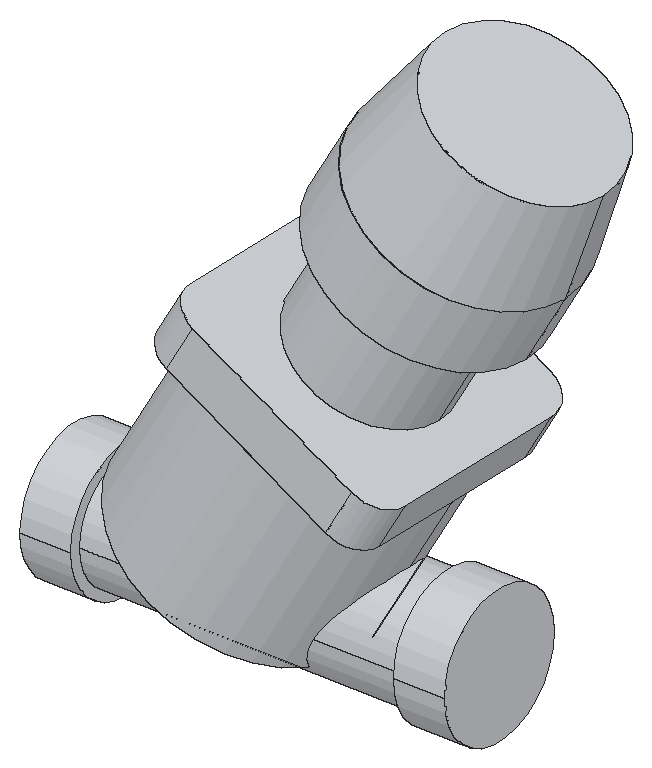
Revit family "OPTIMA_Compact_MM_DN10_2,5_RFA_2018", category Pipe Accessories, Revit 2018
Family settings
  Round Connector Dimension = Use Diameter
  Part Type = Valve - Breaks Into
  Work Plane-Based = No
  Always vertical = Yes
  Cut with Voids When Loaded = No
  Shared = No
Parameters (values of type "OPTIMA Compact DN10 M-M 2.5mm")
  magiProductId = "719160033de540c9acf49957212ec3"
  magiProductFamilyId = "78ecc78dd0e54fb5aa8a98aef7d402"
  magiPartTypeId = 304
  isMeasuringValve [instance] = no
  ang2D [instance] = 0.00°
  Z = 0 mm
  X = 7 mm
  W2D = 32 mm
  VersionID = "2.0/2018.8.28.1/FRESE_OPTIMA-COMPACT-MM_001"
  Use Minimum Symbol Size [instance] = yes
  URL = "www.hydronic.cz"
  Type Comments = "vnější závit; PN25; 0~120°C, bez měřicích vsuvek"
  R9 = 8 mm
  R8 = 14 mm
  R7 = 17 mm
  R6 = 12 mm
  R5 = 5 mm
  R4 = 19 mm
  R3 = 19 mm
  R2 = 9 mm
  R1 = 10.5 mm
  QmdConnectorList = "301;D;302;D"
  Productdata [instance] = ""
  PLG0 = no
  Manufacturer = "Hydronic Systems Prague s.r.o."
  MC Product Code = "53-1300  (1/2\" M-M; 2.5mm; Qmin-dpmin 30l/h-14.3kPa; Qmax-dpmin 200l/h-15.8kPa; dpmax 800kPa)"
  MC Piping Given Pressure Drop [instance] = 0.0 Pa
  LL = 32.5 mm
  L3 = 11 mm
  L2D_Min = 3048 mm
  L2D = 104 mm
  L2 = 49.4 mm
  L1__ve = -L1  # -7.8 mm
  L1 = 7.8 mm
  H6__ve = -H6  # -52.5 mm
  H6 = 52.5 mm
  H5 = 17 mm
  H4 = 12 mm
  H3 = 18 mm
  H2 = 8 mm
  H1 = 30 mm
  Description = "Tlakově nezávislý 2-cestný regulační vyvažovací ventil (PICV)"
  D = 10 mm
  A = 30.00°
Types (8, lengths in mm): name | magiProductId | Z | X | R4 | R3 | R2 | R1 | MC Product Code | LL | L3 | L2 | L1__ve | L1 | H6__ve | H6 | H5 | H3 | H2 | H1 | D
  OPTIMA Compact DN32 M-M 5.5mm | "9229f6b2647a4beea29cfed7a0464e" | 1 | 13 | 29 | 31.5 | 22 | 24 | "53-1314  (6/4\" M-M; 5.5mm; Qmin-dpmin 550l/h-17.9kPa; Qmax-dpmin 4001l/h-28.0kPa; dpmax 800kPa)" | 52 | 12.5 | 79.04 | -12.48 | 12.48 | -66 | 66 | 20 | 16 | 10 | 46 | 32
  OPTIMA Compact DN15 M-M 2.5mm | "cf91b4957677408aaed6de7f8e707d" | 0 | 7 | 19 | 19 | 12 | 13 | "53-1304  (3/4\" M-M; 2.5mm; Qmin-dpmin 100l/h-14.9kPa; Qmax-dpmin 575l/h-18.5kPa; dpmax 800kPa)" | 32.5 | 11 | 49.4 | -7.8 | 7.8 | -55 | 55 | 20 | 18 | 8 | 26 | 15
  OPTIMA Compact DN15 M-M 5.0mm | "3da7abe28dc3494da6d3a7ef2edb11" | 0 | 7 | 19 | 19 | 12 | 13 | "53-1305  (3/4\" M-M; 5.0mm; Qmin-dpmin 220l/h-16.0kPa; Qmax-dpmin 1330l/h-21.6kPa; dpmax 800kPa)" | 32.5 | 11 | 49.4 | -7.8 | 7.8 | -55 | 55 | 20 | 18 | 8 | 26 | 15
  OPTIMA Compact DN20 M-M 5.0mm | "dbf1ea5749af4e6bb74c096f7a23b2" | 0 | 10 | 19 | 19 | 13.5 | 16.5 | "53-1308  (1\" M-M; 5.0mm; Qmin-dpmin 220l/h-16.0kPa; Qmax-dpmin 1330l/h-21.6kPa; dpmax 800kPa)" | 35 | 11 | 53.2 | -8.4 | 8.4 | -58.5 | 58.5 | 20 | 18 | 8 | 26 | 20
  OPTIMA Compact DN20 M-M 5.5mm | "a40c776a67e54a899e920652842cb9" | 0 | 10 | 19 | 19 | 13.5 | 16.5 | "53-1311  (1\" M-M; 5.5mm; Qmin-dpmin 300l/h-17.8kPa; Qmax-dpmin 1800l/h-40.0kPa; dpmax 800kPa)" | 35 | 11 | 53.2 | -8.4 | 8.4 | -58.5 | 58.5 | 20 | 18 | 8 | 26 | 20
  OPTIMA Compact DN25 M-M 5.5mm | "c9531e40f709430d814b4200686e37" | 0 | 13 | 29 | 31.5 | 18.5 | 21 | "53-1313  (5/4\" M-M; 5.5mm; Qmin-dpmin 600l/h-17.3kPa; Qmax-dpmin 3609l/h-23.0kPa; dpmax 800kPa)" | 52 | 12.5 | 79.04 | -12.48 | 12.48 | -63 | 63 | 20 | 16 | 10 | 43 | 25
  OPTIMA Compact DN10 M-M 2.5mm | "719160033de540c9acf49957212ec3" | 0 | 7 | 19 | 19 | 9 | 10.5 | "53-1300  (1/2\" M-M; 2.5mm; Qmin-dpmin 30l/h-14.3kPa; Qmax-dpmin 200l/h-15.8kPa; dpmax 800kPa)" | 32.5 | 11 | 49.4 | -7.8 | 7.8 | -52.5 | 52.5 | 17 | 18 | 8 | 30 | 10
  OPTIMA Compact DN10 M-M 5.0mm | "5a6cfbbfc7584f5c989f475761ae24" | 0 | 7 | 19 | 19 | 9 | 10.5 | "53-1309  (1/2\" M-M; 5.0mm; Qmin-dpmin 65l/h-14.6kPa; Qmax-dpmin 370l/h-17.2kPa; dpmax 800kPa)" | 32.5 | 11 | 49.4 | -7.8 | 7.8 | -52.5 | 52.5 | 17 | 18 | 8 | 30 | 10
Reference planes
  plane 1 "Center (Front/Back)": y = 0
  plane 2 "XYPLANE": z = 0
  plane 3 "Center (Left/Right)": x = 0
  plane 4 "267": x = 11
  plane 5 "266": x = -11
  plane 6 "252": through (-607.019, 0, 448.612) normal (0.5, 0, 0.866)
  plane 7 "250": through (-615.519, 0, 433.89) normal (0.5, 0, 0.866)
  plane 8 "248": through (-621.519, 0, 423.497) normal (0.5, 0, 0.866)
  plane 9 "245": through (-630.519, 0, 407.909) normal (0.5, 0, 0.866)
  plane 10 "241": through (352.483, 0, 662.519) normal (0.866, 0, -0.5)
  plane 11 "240": through (385.392, 0, 643.519) normal (0.866, 0, -0.5)
  plane 12 "239": y = -19
  plane 13 "238": y = 19
  plane 14 "237": through (-634.519, 0, 400.981) normal (0.5, 0, 0.866)
  plane 15 "235": through (-649.519, 0, 375) normal (0.5, 0, 0.866)
  plane 16 "231": y = 0
  plane 17 "230": through (368.938, 0, 653.019) normal (0.866, 0, -0.5)
  plane 18 "211": x = -24.7
  plane 19 "204": x = 32.5
  plane 20 "203": x = -32.5
  plane 21 "202": x = 0
  plane 22 "201": z = 0
  plane 23 "200": y = 0
  plane 24 "227XY": through (-649.519, 0, 375) normal (0.5, 0, 0.866)
  plane 25 "227XZ": y = 0
  plane 26 "227YZ": through (375, 0, 649.519) normal (0.866, 0, -0.5)
Forms (mm)
  Extrusion 1, solid, visible <- "PLG0"
    sketch origin (-750, 0, 0) x (1, 0, 0) y (0, 1, 0)
      loop
        circle (761, 0) r 8
    from 0 to -52.5 <- "H6__ve"
  Extrusion 2, solid, visible <- "PLG0"
    sketch origin (-750, 0, 0) x (1, 0, 0) y (0, 1, 0)
      loop
        circle (739, 0) r 8
    from 0 to -52.5 <- "H6__ve"
  Blend 3, solid
    base sketch origin (-615.519, 0, 433.89) x (0.866025, 0, -0.5) y (0, 1, 0)
      loop
        circle (743, 0) r 17
    top sketch origin (-615.519, 0, 433.89) x (0.866025, 0, -0.5) y (0, 1, 0)
      loop
        circle (743, 0) r 14
    from 0 to 17
  Extrusion 4, solid
    sketch origin (-621.519, 0, 423.497) x (0.866025, 0, -0.5) y (0, 1, 0)
      loop
        circle (743, 0) r 17
    from 0 to 12 <- "H4"
  Extrusion 5, solid
    sketch origin (-630.519, 0, 407.909) x (0.866025, 0, -0.5) y (0, 1, 0)
      loop
        circle (743, 0) r 12
    from 0 to 18 <- "H3"
  Extrusion 6, solid
    sketch origin (-634.519, 0, 400.981) x (0.866025, 0, -0.5) y (0, 1, 0)
      loop
        arc (729, 19) -> (725.464, 17.536) -> (724, 14) r 5
        line (724, 14) -> (724, -14)
        arc (724, -14) -> (725.464, -17.536) -> (729, -19) r 5
        line (729, -19) -> (757, -19)
        arc (757, -19) -> (760.536, -17.536) -> (762, -14) r 5
        line (762, -14) -> (762, 14)
        arc (762, 14) -> (760.536, 17.536) -> (757, 19) r 5
        line (757, 19) -> (729, 19)
    from 0 to 8 <- "H2"
  Extrusion 7, solid
    sketch origin (-649.519, 0, 375) x (0.866025, 0, -0.5) y (0, 1, 0)
      loop
        circle (743, 0) r 19
    from 0 to 30 <- "H1"
  Extrusion 8, solid
    sketch origin (-24.7, -750, 0) x (0, 1, 0) y (0, 0, 1)
      loop
        circle (750, 0) r 9
    from 0 to 49.4 <- "L2"
  Extrusion 9, solid
    sketch origin (32.5, -750, 0) x (0, 1, 0) y (0, 0, 1)
      loop
        circle (750, 0) r 10.5
    from 0 to -7.8 <- "L1__ve"
  Extrusion 10, solid
    sketch origin (-32.5, -750, 0) x (0, 1, 0) y (0, 0, 1)
      loop
        circle (750, 0) r 10.5
    from 0 to 7.8 <- "L1"
  Extrusion 11, solid, not visible
    sketch origin (32.5, -750, 0) x (0, 1, 0) y (0, 0, 1)
      loop
        circle (750, 0) r 10
    from 0 to -10
  Extrusion 12, solid, not visible
    sketch origin (-32.5, -750, 0) x (0, 1, 0) y (0, 0, 1)
      loop
        circle (750, 0) r 10
    from 0 to 10
Lines and regions (mm)
  reference lines, not visible
    curve 1: circle (2, 2, 0) r 1 normal (0, 0, 1)
Dimensions and locks
  plane 1 "Center (Front/Back)" to curve 1 = 2 mm
  "L3": plane 3 "Center (Left/Right)" to plane 4 "267"
  "L3": plane 3 "Center (Left/Right)" to plane 5 "266"
  "H5": plane 7 "250" to plane 6 "252"
  "H4": plane 8 "248" to plane 7 "250"
  "H3": plane 9 "245" to plane 8 "248"
  "H2": plane 14 "237" to plane 9 "245"
  "R4": plane 17 "230" to plane 10 "241"
  "R4": plane 17 "230" to plane 11 "240"
  "R4": plane 23 "200" to plane 12 "239"
  "R4": plane 23 "200" to plane 13 "238"
  "H1": plane 15 "235" to plane 14 "237"
  "Z": plane 24 "227XY" to plane 15 "235"
  locked: plane 23 "200" to plane 16 "231"
  "X": plane 26 "227YZ" to plane 17 "230"
  "L1": plane 20 "203" to plane 18 "211"
  "LL": plane 3 "Center (Left/Right)" to plane 19 "204"
  "LL": plane 3 "Center (Left/Right)" to plane 20 "203"
  locked: plane 3 "Center (Left/Right)" to plane 21 "202"
  locked: plane 2 "XYPLANE" to plane 22 "201"
  locked: plane 1 "Center (Front/Back)" to plane 23 "200"
  Extrusion 6 sketch curve to Extrusion 6 sketch curve = 0 mm  (x16)
  "R9": radius of Extrusion 1 sketch curve
  "R9": radius of Extrusion 2 sketch curve
  "R8": radius of Blend 3 sketch curve
  "R7": radius of Blend 3 sketch curve
  "R7": radius of Extrusion 4 sketch curve
  "R6": radius of Extrusion 5 sketch curve
  "R5": radius of Extrusion 6 sketch curve  (x4)
  "R3": radius of Extrusion 7 sketch curve
  "R2": radius of Extrusion 8 sketch curve
  "R1": radius of Extrusion 9 sketch curve
  "R1": radius of Extrusion 10 sketch curve
  aligned and locked: level to plane 2 "XYPLANE"
  aligned and locked: plane 4 "267" to Extrusion 1 sketch curve
  aligned and locked: plane 23 "200" to Extrusion 1 sketch curve
  aligned and locked: plane 5 "266" to Extrusion 2 sketch curve
  aligned and locked: plane 23 "200" to Extrusion 2 sketch curve
  aligned and locked: plane 16 "231" to Blend 3 sketch curve  (x2)
  aligned and locked: Blend 3 sketch curve to plane 17 "230"  (x2)
  aligned and locked: plane 6 "252" to Blend 3
  aligned and locked: plane 16 "231" to Extrusion 4 sketch curve
  aligned and locked: Extrusion 4 sketch curve to plane 17 "230"
  aligned and locked: plane 16 "231" to Extrusion 5 sketch curve
  aligned and locked: Extrusion 5 sketch curve to plane 17 "230"
  aligned and locked: Extrusion 6 sketch curve to plane 10 "241"
  aligned and locked: Extrusion 6 sketch curve to plane 12 "239"
  aligned and locked: Extrusion 6 sketch curve to plane 11 "240"
  aligned and locked: plane 13 "238" to Extrusion 6 sketch curve
  aligned and locked: plane 16 "231" to Extrusion 7 sketch curve
  aligned and locked: Extrusion 7 sketch curve to plane 17 "230"
  aligned and locked: plane 22 "201" to Extrusion 8 sketch curve
  aligned and locked: Extrusion 8 sketch curve to plane 23 "200"
  aligned and locked: plane 22 "201" to Extrusion 9 sketch curve
  aligned and locked: Extrusion 9 sketch curve to plane 23 "200"
  aligned and locked: plane 22 "201" to Extrusion 10 sketch curve
  aligned and locked: Extrusion 10 sketch curve to plane 23 "200"
  aligned and locked: plane 22 "201" to Extrusion 11 sketch curve
  aligned and locked: Extrusion 11 sketch curve to plane 23 "200"
  aligned and locked: plane 22 "201" to Extrusion 12 sketch curve
  aligned and locked: Extrusion 12 sketch curve to plane 23 "200"
Automatic sketch dimensions
  plane 1 "Center (Front/Back)" to Extrusion 11 sketch curve = 10 mm
  plane 1 "Center (Front/Back)" to Extrusion 12 sketch curve = 10 mm
  plane 3 "Center (Left/Right)" to curve 1 = 2 mm
  radius of curve 1 = 1 mm
Connectors
  piping at (-32.5, 0, 0), diameter 10, driven by "D"
    settings: on Extrusion 12, index 1, connector inside diameter 609.6 mm, connector length 0 mm, flow factor 0, pipe flow 0.0 L/s, pressure drop 0.0 Pa, fitting loss kfactor 0, connector angle 0.00°, fixture units 0, engagement length 0 mm, angle of deflection 0.00°, flow configuration 0, flow direction 0, fitting loss method 0, system type 29, joint type 0, gender type 0, connector reference index 2, connector utility 0, adjustable connector no, is connector primary yes, connector description ""
  piping at (32.5, 0, 0), diameter 10, driven by "D"
    settings: on Extrusion 11, index 2, connector inside diameter 609.6 mm, connector length 0 mm, flow factor 0, pipe flow 0.0 L/s, pressure drop 0.0 Pa, fitting loss kfactor 0, connector angle 0.00°, fixture units 0, engagement length 0 mm, angle of deflection 0.00°, flow configuration 0, flow direction 0, fitting loss method 0, system type 29, joint type 0, gender type 0, connector reference index 1, connector utility 0, adjustable connector no, is connector primary no, connector description ""
